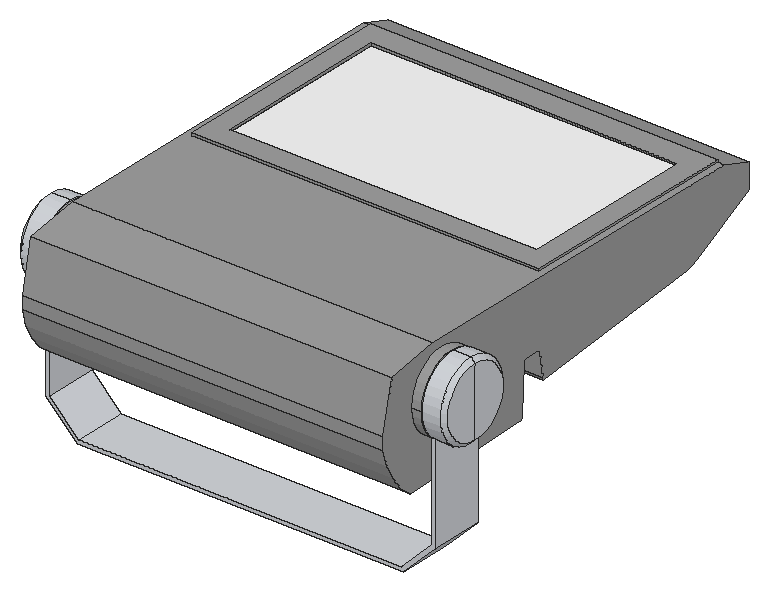
Revit family "0049100 Feilo Sylvania Lighting Fixture SYLVEO LED 3000LM NAR 4K", category Lighting Fixtures, host Face, Revit 2017
Family settings
  Host = Face
  Round Connector Dimension = Use Diameter
  Part Type = Normal
  OmniClass Number = 23.80.70.00
  OmniClass Title = Lighting
  Cut with Voids When Loaded = No
  Light Source = No
  Shared = No
  Room Calculation Point = No
Parameters (values of type "0049100 SYLVEO LED 3000LM NAR 4K")
  _DistributedBy = ""
  _CurrentRevision = 0
  _CreatedBy = "http://www.feilosylvania.com"
  _BimstoreBibleVersion = "Version 15"
  _BimSpecGuid = 0
  _Author = "n/a"
  Weight = "10.902 kg"
  Wattage Comments = "n/a"
  WarrantyStartDate [instance] = "n/a"
  WarrantyGuarantorParts = "n/a"
  WarrantyDurationUnit = "n/a"
  WarrantyDurationParts = "n/a"
  WarrantyDescription = "n/a"
  Voltage = 230 V
  URL = "http://www.sylvania-lighting.com"
  TypeName = "SYLVEO LED 3000LM NAR 4K"
  TypeBody_FEILO = Sylveo Body S : 0049100 SYLVEO LED 3000LM NAR 4K
  Type Image = <None>
  Type Comments = "n/a"
  TotalWidth = 205 mm
  TiltAngle [instance] = 0.00°
  StartAngle [instance] = -TiltAngle  # 0.00°
  PhotobiologicalRiskGroup = "RG1"
  Material_4_FEILO = none
  Material_3_FEILO = Diffuser-Sylvania-Glow
  Material_2_FEILO = Default
  Material_1_FEILO = none
  LuminousFlux = 3189 lm
  EndAngle [instance] = StartAngle + 180.00°  # 180.00°
  SerialNumber [instance] = "n/a"
  PowerFactor = 0
  PowerConsumption = "30.5 W"
  NominalLength = 205 mm
  NominalHeight = 219 mm
  NominalDepth = 59 mm
  Name = "SYLVEO LED 3000LM NAR 4K"
  NBSReference = "n/a"
  NBSOfficeMasterTag = "n/a"
  NBSObjectName = "n/a"
  NBSNote = "n/a"
  NBSDescription = "n/a"
  ModelReference = "SYLVEO LED 3000LM NAR 4K"
  ModelNumber = "0049100"
  Model = ModelReference  # "SYLVEO LED 3000LM NAR 4K"
  Material = "aluminium housing, glass diffuser"
  ManufacturerName = "Feilo Sylvania"
  Manufacturer = "Feilo Sylvania"
  LuminaireType = ""
  LuminairePowerFactor = "n/a"
  LightOutputRatio = "100"
  LampsType = "LED"
  LampsColourRenderingIndex = "70"
  Lamp = "LED"
  Keynote = "16500"
  InstallationDate [instance] = "n/a"
  InputVoltage = "100-240V~"
  InputNominalFrequency = "50 Hz"
  IngressProtection = "IP66"
  ImpactProtectionIndex = "IK08"
  IfcExportType = "IfcLightFixtureType"
  IfcExportAs = "IfcLightFixtureType"
  Finish = "Die cast"
  ExpectedLife = 50000
  ElectricShockClassification = "Class I"
  DurationUnit = "hours"
  DocumentationLiterature = "http://www.sylvania-lighting.com/product/en-int/products/0049100"
  DimmingControlOptions = "Non dimmable"
  Diffuser Material = "Glass"
  Diffuser Finish = "Clear"
  Description = "Exterior LED Floodlight, comes complete with a 1000mm cable and adjustable bracket, aluminium housing, clear glass diffuser, IP66, IK08, Class I, 4000K, Non-dimming, 3090lm, 31W, 101lm/W, 850mA, CRI70, 21° beam angle, 50000hrs, (LxWxD) 49x205x219mm"
  Default Elevation = 1219.2 mm
  CreatedOn = "1/9/2018"
  CreatedBy = ""
  Cost = 0
  ColorTemperature = 4000 K
  ColorConsistency(SDCM) = "6"
  Color = "Aluminium"
  built-in parameter 1114216 [instance] = (empty or 0)
  ClassificationValue = "EF_70_80"
  ClassificationName = "Uniclass2015"
  BracketWidth = 25 mm
  BracketInnerWidth = 183 mm
  BracketExtrusionStart = -BracketWidth / 2  # -12.5 mm
  BracketExtrusionEnd = BracketWidth / 2  # 12.5 mm
  BarCode [instance] = "n/a"
  BIMObjectName = "n/a"
  AssetType = "Fixed"
  AssetIdentifier [instance] = "n/a"
  Assembly Code = "D5020200"
  Apparent Load = 30.5 VA
Reference planes
  plane 1 "Center (Front/Back)": y = 0
  plane 2: z = 0
  plane 3 "Center (Left/Right)": x = 0
  plane 4: x = 91.5
  plane 5: x = -91.5
  plane 6: z = 76
  plane 7: x = 102.5
  plane 8: x = -102.5
  plane 9: z = 94.5
  plane 10: z = 57.5
  plane 11: x = 100.5
  plane 12: x = -100.5
  plane 13: x = 93.5
  plane 14: x = -93.5
  plane 15: z = 2
  plane 16: z = 16
  plane 17: x = 77.5
  plane 18: x = -77.5
  plane 19: z = 59.5
Forms (mm)
  Extrusion 1, solid
    sketch origin (0, 0, 0) x (1, 0, 0) y (0, 0, 1)
      loop
        line (0, 2) -> (0, 0) -> (78.328, 0) -> (93.5, 15.172) -> (93.5, 76) -> (91.5, 76) -> (91.5, 16) -> (77.5, 2) -> (0, 2)
    from -12.5 to 12.5 <- "BracketExtrusionEnd"
  Extrusion 2, solid
    sketch origin (0, 0, 0) x (-1, 0, 0) y (0, 0, -1)
      loop
        line (0, -2) -> (77.5, -2) -> (91.5, -16) -> (91.5, -76) -> (93.5, -76) -> (93.5, -15.172) -> (78.328, 0) -> (0, 0) -> (0, -2)
    from -12.5 to 12.5 <- "BracketExtrusionEnd"
  Revolve 3, solid
    sketch origin (0, 0, 0) x (1, 0, 0) y (0, 0, 1)
      loop
        line (-91.5, 76) -> (-102.5, 76) -> (-102.5, 59.5) -> (-100.5, 57.5) -> (-91.5, 57.5) -> (-91.5, 76)
      axis (-91.5, 76) -> (-102.5, 76)
    angle from 0 to 360
  Revolve 4, solid
    sketch origin (0, 0, 0) x (-1, 0, 0) y (0, 0, 1)
      loop
        line (-91.5, 76) -> (-102.5, 76) -> (-102.5, 59.5) -> (-100.5, 57.5) -> (-91.5, 57.5) -> (-91.5, 76)
      axis (-91.5, 76) -> (-102.5, 76)
    angle from 0 to 360
  Revolve 5, solid, not visible
    sketch origin (181.107, 0, 76) x (1, 0, 0) y (0, 1, 0)
      loop
        line (-191.101, 0) -> (-171.112, 0) -> (-171.112, 10) -> (-191.101, 10) -> (-191.101, 0)
      axis (-171.112, 0) -> (-191.101, 0)
    angle from 0 <- "StartAngle" to 180 <- "EndAngle"
Cuts and joins
  joined: Extrusion 1, Extrusion 2, Revolve 3, Revolve 4
Dimensions and locks
  equal spacing: plane 5, plane 3 "Center (Left/Right)", plane 4
  "BracketInnerWidth": plane 5 to plane 4
  equal spacing: plane 7, plane 3 "Center (Left/Right)", plane 8
  "TotalWidth": plane 7 to plane 8
  locked: plane 2 to plane 6 at 76
  equal spacing: plane 10, plane 6, plane 9
  locked: plane 10 to plane 9 at 37
  equal spacing: plane 11, plane 3 "Center (Left/Right)", plane 12
  locked: plane 11 to plane 12 at 201
  equal spacing: plane 13, plane 3 "Center (Left/Right)", plane 14
  locked: plane 13 to plane 14 at 187
  locked: plane 2 to plane 16 at 16
  locked: plane 2 to plane 15 at 2
  equal spacing: plane 17, plane 3 "Center (Left/Right)", plane 18
  locked: plane 17 to plane 18 at 155
  locked: plane 19 to plane 10 at 2
  locked: Revolve 5 sketch curve to Revolve 5 sketch curve at 10
  equal spacing: Revolve 5 sketch curve, plane 3 "Center (Left/Right)", Revolve 5 sketch curve
  locked: Revolve 5 sketch curve to Revolve 5 sketch curve at 19.988
  aligned and locked: plane 2 to host face
  aligned and locked: level to host face
  aligned and locked: Revolve 3 sketch curve to plane 10
  aligned and locked: Revolve 3 sketch curve to plane 8
  aligned and locked: plane 5 to Revolve 3 sketch curve
  aligned and locked: Revolve 3 sketch curve to plane 6  (x2)
  aligned and locked: Revolve 5 sketch curve to plane 1 "Center (Front/Back)"
  aligned and locked: plane 3 "Center (Left/Right)" to nested 1
Automatic sketch dimensions
  host sketch curve to host sketch curve = 2438.4 mm  (x2)
  Extrusion 1 sketch curve to plane 3 "Center (Left/Right)" = 0 mm  (x2)
  Extrusion 1 sketch curve to level = 0 mm  (x2)
  Extrusion 1 sketch curve to plane 15 = 0 mm
  Extrusion 1 sketch curve to plane 17 = 0 mm
  plane 4 to Extrusion 1 sketch curve = 0 mm
  Extrusion 1 sketch curve to plane 13 = 0 mm  (x2)
  Extrusion 1 sketch curve to plane 6 = 0 mm  (x2)
  Extrusion 1 sketch curve to plane 16 = 0 mm
  plane 17 to Extrusion 1 sketch curve = 0.828 mm
  Extrusion 1 sketch curve to plane 16 = 0.828 mm
  Extrusion 2 sketch curve to plane 3 "Center (Left/Right)" = 0 mm  (x2)
  Extrusion 2 sketch curve to level = 0 mm  (x2)
  Extrusion 2 sketch curve to plane 15 = 0 mm
  plane 18 to Extrusion 2 sketch curve = 0 mm
  plane 5 to Extrusion 2 sketch curve = 0 mm
  plane 14 to Extrusion 2 sketch curve = 0 mm  (x2)
  Extrusion 2 sketch curve to plane 6 = 0 mm  (x2)
  Extrusion 2 sketch curve to plane 16 = 0 mm
  Extrusion 2 sketch curve to plane 18 = 0.828 mm
  plane 16 to Extrusion 2 sketch curve = 0.828 mm
  plane 12 to Revolve 3 sketch curve = 0 mm
  Revolve 3 sketch curve to plane 19 = 0 mm
  plane 8 to Revolve 3 sketch curve = 77.715 mm
  plane 7 to Revolve 3 sketch curve = 78.607 mm
  Revolve 4 sketch curve to plane 6 = 0 mm  (x2)
  Revolve 4 sketch curve to plane 7 = 0 mm
  Revolve 4 sketch curve to plane 10 = 0 mm
  Revolve 4 sketch curve to plane 11 = 0 mm
  plane 4 to Revolve 4 sketch curve = 0 mm
  Revolve 4 sketch curve to plane 19 = 0 mm
  Revolve 4 sketch curve to Revolve 4 sketch curve = 77.715 mm
  Revolve 4 sketch curve to plane 8 = 78.607 mm
  plane 1 "Center (Front/Back)" to Revolve 5 sketch curve = 0 mm
  plane 8 to Revolve 5 sketch curve = 1421.5 mm
  plane 7 to Revolve 5 sketch curve = 1421.5 mm
Nested families
  nested 1: "Sylveo Body S" at (0, 72.991, 76), type <- "TypeBody_FEILO", type "0049100 SYLVEO LED 3000LM NAR 4K"
Connectors
  electrical at (0, 0, 0), driven by "Apparent Load", driven by "PowerFactor", driven by "Voltage"
    settings: index 1, voltage 230 V, apparent load 30.5 VA, apparent load phase1 0 VA, apparent load phase2 0 VA, apparent load phase3 0 VA, power factor 0, load classification "Lighting", number of poles 1, system type 30, power factor state 1, is connector primary yes, connector utility no, sub classification motor no, connector description ""
Definition of nested family "Sylveo Body S"
  Parameters (values of type "0049105 SYLVEO LED 3000LM RASYM 3K")
    Wattage = 30.8 W
    built-in parameter 1150110 = 1 (stored number, unit not read)
    VoidExtrusionStart = -BodyWidth / 2  # -86.5 mm
    URL = "http://www.feilosylvania.com"
    Type Comments = "n/a"
    built-in parameter 1114217 = 1 (stored number, unit not read)
    Tilt Angle = -90.00°
    built-in parameter 1150109 = 1 (stored number, unit not read)
    built-in parameter 1150134 = (empty or 0)
    built-in parameter 1150113 = 1 (stored number, unit not read)
    Photometric Web File = "0049105.ies"
    Model = "SYLVEO LED 3000LM RASYM 3K"
    Material_4_FEILO = none
    Material_3_FEILO = none
    Material_2_FEILO = none
    Material_1_FEILO = none
    Manufacturer = "Feilo Sylvania"
    built-in parameter 1150105 = 1613.6 (stored number, unit not read)
    Lumens = 3123.12 lm
    built-in parameter 1150115 = 1 (stored number, unit not read)
    built-in parameter 1150137 = (empty or 0)
    built-in parameter 1150139 = (empty or 0)
    built-in parameter 1150112 = 1 (stored number, unit not read)
    built-in parameter 1150114 = 1 (stored number, unit not read)
    Lamp = "LED"
    Keynote = "16500"
    built-in parameter 1150132 = (empty or 0)
    built-in parameter 1150102 = (empty or 0)
    built-in parameter 1150107 = 3000 (stored number, unit not read)
    built-in parameter 1150138 = (empty or 0)
    built-in parameter 1150106 = 16.136 (stored number, unit not read)
    Emit from Rectangle Width = 84 mm
    Emit from Rectangle Length = 147 mm
    Emit Shape Visible in Rendering = no
    built-in parameter 1150104 = 9.4204 (stored number, unit not read)
    Dimming Lamp Color Temperature Shift = (empty or 0)
    Description = "Exterior LED Floodlight, comes complete with a 1000mm cable and adjustable bracket, aluminium housing, clear glass diffuser, IP66, IK08, Class I, 3000K, Non-dimming, 3122lm, 31W, 101lm/W, 850mA, CRI70, 52°x117° beam angle, 50000hrs, (LxWxD) 49x205x219mm"
    Default Elevation = 1219.2 mm
    Cost = 0
    Color Filter = 16777215
    BodyWidth = 173 mm
    BodyHeight = 219 mm
    BodyExtrusionEnd = -BodyDepth  # -59 mm
    BodyDepth = 59 mm
    built-in parameter 1114218 = 1 (stored number, unit not read)
    built-in parameter 1150133 = 10 (stored number, unit not read)
    Assembly Code = "D5020200"
    Apparent Load = 30.8 VA
  Types (6, lengths in mm): name | Wattage | built-in parameter 1150134 | Photometric Web File | Model | built-in parameter 1150105 | Lumens | built-in parameter 1150107 | built-in parameter 1150106 | built-in parameter 1150104 | Description | Apparent Load
    0049105 SYLVEO LED 3000LM RASYM 3K | 30.8 W | (empty or 0) | "0049105.ies" | "SYLVEO LED 3000LM RASYM 3K" | 1613.6 (stored number, unit not read) | 3123.12 lm | 3000 (stored number, unit not read) | 16.136 (stored number, unit not read) | 9.4204 (stored number, unit not read) | "Exterior LED Floodlight, comes complete with a 1000mm cable and adjustable bracket, aluminium housing, clear glass diffuser, IP66, IK08, Class I, 3000K, Non-dimming, 3122lm, 31W, 101lm/W, 850mA, CRI70, 52°x117° beam angle, 50000hrs, (LxWxD) 49x205x219mm" | 30.8 VA
    0049104 SYLVEO LED 3000LM WIDE 3K | 30.5 W | (empty or 0) | "0049104.ies" | "SYLVEO LED 3000LM WIDE 3K" | 3931.7 (stored number, unit not read) | 3089.65 lm | 3000 (stored number, unit not read) | 39.317 (stored number, unit not read) | 9.4111 (stored number, unit not read) | "Exterior LED Floodlight, comes complete with a 1000mm cable and adjustable bracket, aluminium housing, clear glass diffuser, IP66, IK08, Class I, 3000K, Non-dimming, 3090lm, 31W, 101lm/W, 850mA, CRI70, 52° beam angle, 50000hrs, (LxWxD) 49x205x219mm" | 30.5 VA
    0049103 SYLVEO LED 3000LM NAR 3K | 30.2 W | (empty or 0) | "0049103.ies" | "SYLVEO LED 3000LM NAR 3K" | 12950.9 (stored number, unit not read) | 3041.14 lm | 3000 (stored number, unit not read) | 129.51 (stored number, unit not read) | 9.3553 (stored number, unit not read) | "Exterior LED Floodlight, comes complete with a 1000mm cable and adjustable bracket, aluminium housing, clear glass diffuser, IP66, IK08, Class I, 3000K, Non-dimming, 3041lm, 30W, 101lm/W, 850mA, CRI70, 21° beam angle, 50000hrs, (LxWxD) 49x205x219mm" | 30.2 VA
    0049102 SYLVEO LED 3000LM RASYM 4K | 30.3 W | 12 | "0049102.ies" | "SYLVEO LED 3000LM RASYM 4K" | 1646.9 (stored number, unit not read) | 3187.56 lm | 4000 (stored number, unit not read) | 16.469 (stored number, unit not read) | 9.7734 (stored number, unit not read) | "Exterior LED Floodlight, comes complete with a 1000mm cable and adjustable bracket, aluminium housing, clear glass diffuser, IP66, IK08, Class I, 4000K, Non-dimming, 3189lm, 30W, 105lm/W, 850mA, CRI70, 52°x117° beam angle, 50000hrs, (LxWxD) 49x205x219mm" | 30.3 VA
    0049101 SYLVEO LED 3000LM WIDE 4K | 32.2 W | 12 | "0049101.ies" | "SYLVEO LED 3000LM WIDE 4K" | 3985.3 (stored number, unit not read) | 3400.32 lm | 4000 (stored number, unit not read) | 39.853 (stored number, unit not read) | 9.8106 (stored number, unit not read) | "Exterior LED Floodlight, comes complete with a 1000mm cable and adjustable bracket, aluminium housing, clear glass diffuser, IP66, IK08, Class I, 4000K, Non-dimming, 3400lm, 32W, 106lm/W, 850mA, CRI70, 52° beam angle, 50000hrs, (LxWxD) 49x205x219mm" | 32.2 VA
    0049100 SYLVEO LED 3000LM NAR 4K | 30.5 W | 12 | "0049100.ies" | "SYLVEO LED 3000LM NAR 4K" | 13402.6 (stored number, unit not read) | 3089.65 lm | 4000 (stored number, unit not read) | 134.03 (stored number, unit not read) | 9.4111 (stored number, unit not read) | "Exterior LED Floodlight, comes complete with a 1000mm cable and adjustable bracket, aluminium housing, clear glass diffuser, IP66, IK08, Class I, 4000K, Non-dimming, 3090lm, 31W, 101lm/W, 850mA, CRI70, 21° beam angle, 50000hrs, (LxWxD) 49x205x219mm" | 30.5 VA
  Reference planes
    plane 1 "Center (Front/Back)": y = 0
    plane 2: z = 0
    plane 3 "Center (Left/Right)": x = 0
    plane 4: x = -86.5
    plane 5: x = 86.5
    plane 6: y = 110.708
    plane 7: y = -108.292
    plane 8: y = 96.384
    plane 9: y = 84.647
    plane 10: y = -0.668
    plane 11: y = -10.878
    plane 12: y = -54.493
    plane 13: y = -91.489
    plane 14: y = -72.991
    plane 15: x = -102.515
    plane 16: x = 102.515
    plane 17: x = -73.649
    plane 18: x = 73.649
    plane 19: x = -91.536
    plane 20: x = 91.536
    plane 21: z = 0
    plane 22: z = 22
    plane 23: x = -83.139
    plane 24: x = 83.139
    plane 25: y = -103.292
    plane 26: y = -78.292
    plane 27: z = -5.309
    plane 28: z = -11.402
    plane 29: y = -25.118
    plane 30: y = -23.893
    plane 31: z = -8.976
    plane 32: y = -14.493
    plane 33: y = -12.511
    plane 34: y = 77.218
    plane 35: z = 17
    plane 36: z = -13.634
    plane 37: z = 5
    plane 38: z = -22.951
    plane 39: z = -34.41
    plane 40: z = 17.785
    plane 41: y = 42.323
  Forms (mm)
    Extrusion 1, solid
      sketch origin (-0.8, 0, 0) x (1, 0, 0) y (0, 1, 0)
        loop
          line (-1219.2, 1219.2) -> (-1219.2, -1219.2) -> (1219.2, -1219.2) -> (1219.2, 1219.2) -> (-1219.2, 1219.2)
      from 0 to -304.8
    Revolve 2, solid, material <- "Material_2_FEILO"
      sketch origin (144.148, 0, 0) x (1, 0, 0) y (0, 1, 0)
        loop
          line (-235.684, -72.991) -> (-52.612, -72.991) -> (-52.612, -54.493) -> (-235.684, -54.493) -> (-235.684, -72.991)
        axis (-235.684, -72.991) -> (-52.612, -72.991)
      angle from 0 to 360
    Extrusion 3, solid, material <- "Material_2_FEILO"
      sketch origin (0, -146.667, 22) x (0, -1, 0) y (1, 0, 0)
        loop
          line (-257.375, -86.5) -> (-38.375, -86.5) -> (-38.375, 86.5) -> (-257.375, 86.5) -> (-257.375, -86.5)
      from 0 to -59 <- "BodyExtrusionEnd"
    Extrusion 4, void
      sketch origin (0, 0, 0) x (0, 1, 0) y (0, 0, 1)
        loop
          line (-78.292, 22) -> (-108.292, 22) -> (-108.292, -5.309) -> (-103.292, 17.785) -> (-78.292, 22)
        loop
          line (-108.292, -11.402) -> (-108.292, -37) -> (-91.489, -37)
          arc (-91.489, -37) -> (-102.558, -25.952) -> (-108.292, -11.402) r 38.329
      from -86.5 <- "VoidExtrusionStart" to 173 <- "BodyWidth"
    Extrusion 5, void
      sketch origin (0, 0, 0) x (0, 1, 0) y (0, 0, 1)
        loop
          line (-91.489, -37) -> (110.708, -37) -> (110.708, 5) -> (80.083, -12.039)
          arc (80.083, -12.039) -> (77.118, -13.316) -> (73.956, -13.972) r 16
          line (73.956, -13.972) -> (-11.553, -22.851)
          arc (-11.553, -22.851) -> (-12.272, -22.645) -> (-12.646, -21.997) r 1
          line (-12.646, -21.997) -> (-14.371, -9.836)
          arc (-14.371, -9.836) -> (-14.706, -9.221) -> (-15.361, -8.976) r 1
          line (-15.361, -8.976) -> (-22.94, -8.976)
          arc (-22.94, -8.976) -> (-23.63, -9.252) -> (-23.939, -9.928) r 1
          line (-23.939, -9.928) -> (-25.074, -33.494)
          arc (-25.074, -33.494) -> (-25.381, -34.133) -> (-26.034, -34.41) r 1.003
          line (-26.034, -34.41) -> (-91.489, -37)
        loop
          line (110.708, 17) -> (110.708, 22) -> (96.384, 22) -> (110.708, 17)
      from -86.5 <- "VoidExtrusionStart" to 173 <- "BodyWidth"
    Extrusion 6, solid, material <- "Material_2_FEILO"
      sketch origin (0, -146.667, 22) x (0, -1, 0) y (1, 0, 0)
        loop
          line (-243.051, -83.139) -> (-135.789, -83.139) -> (-135.789, 83.139) -> (-243.051, 83.139) -> (-243.051, -83.139)
        loop
          line (-231.314, -73.649) -> (-146.667, -73.649) -> (-146.667, 73.649) -> (-231.314, 73.649) -> (-231.314, -73.649)
      from 0 to 1
    Extrusion 7, void
      sketch origin (0, -146.667, 22) x (1, 0, 0) y (0, -1, 0)
        loop
          line (-73.649, -231.314) -> (73.649, -231.314) -> (73.649, -146.667) -> (-73.649, -146.667) -> (-73.649, -231.314)
      from 0 to 12
    Extrusion 8, solid, material <- "Material_3_FEILO"
      sketch origin (0, -146.667, 22) x (0, -1, 0) y (1, 0, 0)
        loop
          line (-231.314, -73.649) -> (-146.667, -73.649) -> (-146.667, 73.649) -> (-231.314, 73.649) -> (-231.314, -73.649)
      from 0 to -1
  Cuts and joins
    Extrusion 4, Extrusion 5, Extrusion 7 cuts Extrusion 3
    joined: Revolve 2, Extrusion 3
  Lines and regions (mm)
    reference lines
      curve 1: line (0, -108.292, -5.309) -> (0, -108.292, -11.402)
  Dimensions and locks
    equal spacing: plane 4, plane 3 "Center (Left/Right)", plane 5
    "BodyWidth": plane 4 to plane 5
    "BodyHeight": plane 6 to plane 7
    locked: plane 1 "Center (Front/Back)" to plane 7 at 108.292
    locked: plane 13 to plane 7 at 16.803
    locked: plane 14 to plane 7 at 35.301
    equal spacing: plane 12, plane 14, plane 13
    locked: plane 11 to plane 7 at 97.414
    locked: plane 10 to plane 7 at 107.624
    locked: plane 1 "Center (Front/Back)" to plane 9 at 84.647
    locked: plane 8 to plane 1 "Center (Front/Back)" at 96.384
    equal spacing: plane 15, plane 3 "Center (Left/Right)", plane 16
    locked: plane 15 to plane 16 at 205.031
    equal spacing: plane 17, plane 3 "Center (Left/Right)", plane 18
    locked: plane 17 to plane 18 at 147.299
    equal spacing: plane 19, plane 3 "Center (Left/Right)", plane 20
    locked: plane 19 to plane 20 at 183.072
    equal spacing: plane 23, plane 3 "Center (Left/Right)", plane 24
    locked: plane 23 to plane 24 at 166.278
    locked: plane 21 to plane 22 at 22
    locked: curve 1 to curve 1 at 6.092
    locked: plane 7 to plane 26 at 30
    locked: plane 21 to plane 27 at 5.309
    locked: plane 21 to plane 28 at 11.402
    locked: plane 7 to plane 29 at 83.174
    locked: plane 7 to plane 30 at 84.399
    locked: plane 21 to plane 31 at 8.976
    locked: plane 7 to plane 32 at 93.799
    locked: plane 7 to plane 33 at 95.781
    locked: plane 7 to plane 34 at 185.51
    locked: plane 21 to plane 35 at 17
    locked: plane 36 to plane 21 at 13.634
    locked: plane 21 to plane 37 at 5
    locked: plane 21 to plane 38 at 22.951
    locked: plane 21 to plane 39 at 34.41
    locked: plane 40 to plane 21 at 17.785
    locked: plane 7 to plane 25 at 5
    equal spacing: Extrusion 6, Extrusion 7 sketch curve, plane 24
    equal spacing: plane 1 "Center (Front/Back)", plane 41, plane 9
    aligned and locked: plane 2 to Extrusion 1
    aligned and locked: level to Extrusion 1
    aligned and locked: Revolve 2 sketch curve to plane 14  (x2)
    aligned and locked: plane 19 to Revolve 2 sketch curve
    aligned and locked: plane 12 to Revolve 2 sketch curve
    aligned and locked: Revolve 2 sketch curve to plane 20
    aligned and locked: level to plane 21
    aligned and locked: Extrusion 3 sketch curve to plane 6
    aligned and locked: plane 4 to Extrusion 3 sketch curve
    aligned and locked: plane 7 to Extrusion 3 sketch curve
    aligned and locked: Extrusion 3 sketch curve to plane 5
    aligned and locked: plane 40 to Extrusion 4 sketch curve
    aligned and locked: Extrusion 4 sketch curve to curve 1
    aligned and locked: plane 22 to Extrusion 4 sketch curve
    aligned and locked: curve 1 to Extrusion 4 sketch curve
    aligned and locked: Extrusion 4 sketch curve to Extrusion 3
    aligned and locked: plane 39 to Extrusion 5 sketch curve
    aligned and locked: plane 6 to Extrusion 5 sketch curve  (x2)
    aligned and locked: Extrusion 5 sketch curve to plane 22
    aligned and locked: Extrusion 6 sketch curve to plane 8
    aligned and locked: plane 23 to Extrusion 6 sketch curve
    aligned and locked: plane 11 to Extrusion 6 sketch curve
    aligned and locked: Extrusion 6 sketch curve to plane 24
    aligned and locked: plane 9 to Extrusion 6 sketch curve
    aligned and locked: plane 17 to Extrusion 6 sketch curve
    aligned and locked: Extrusion 6 sketch curve to plane 1 "Center (Front/Back)"
    aligned and locked: plane 18 to Extrusion 6 sketch curve
    aligned and locked: Extrusion 7 sketch curve to Extrusion 6  (x3)
    aligned and locked: Extrusion 8 sketch curve to cut or joined group of Revolve 2, Extrusion 3, Extrusion 4, Extrusion 5, Extrusion 7  (x4)
    aligned and locked: imposter light to plane 3 "Center (Left/Right)"
    aligned and locked: imposter light to plane 41
    aligned and locked: imposter light to plane 22
  Automatic sketch dimensions
    Extrusion 1 sketch curve to Extrusion 1 sketch curve = 2438.4 mm  (x2)
    plane 15 to Revolve 2 sketch curve = 90.323 mm
    plane 16 to Revolve 2 sketch curve = 82.977 mm
    curve 1 to level = 11.402 mm
    curve 1 to plane 7 = 0 mm
    Extrusion 4 sketch curve to plane 25 = 0 mm
    Extrusion 4 sketch curve to plane 13 = 0 mm
    Extrusion 4 sketch curve to plane 26 = 0 mm
    Extrusion 4 sketch curve to plane 28 = 0 mm
    Extrusion 4 sketch curve to plane 27 = 0 mm
    plane 27 to Extrusion 4 sketch curve = 0.391 mm
    Extrusion 7 sketch curve to plane 18 = 0 mm
    Extrusion 5 sketch curve to plane 13 = 0 mm
    Extrusion 5 sketch curve to plane 31 = 0 mm
    Extrusion 5 sketch curve to plane 8 = 0 mm
    plane 37 to Extrusion 5 sketch curve = 0 mm
    plane 35 to Extrusion 5 sketch curve = 0 mm
    plane 29 to Extrusion 5 sketch curve = 0.955 mm
    plane 29 to Extrusion 5 sketch curve = 0.916 mm
    Extrusion 5 sketch curve to plane 29 = 0.044 mm
    Extrusion 5 sketch curve to plane 30 = 0.046 mm
    plane 30 to Extrusion 5 sketch curve = 0.953 mm
    Extrusion 5 sketch curve to plane 32 = 0.868 mm
    plane 32 to Extrusion 5 sketch curve = 0.122 mm
    Extrusion 5 sketch curve to plane 33 = 0.135 mm
    Extrusion 5 sketch curve to plane 11 = 0.778 mm
    plane 38 to Extrusion 5 sketch curve = 0.099 mm
    Extrusion 5 sketch curve to plane 11 = 0.675 mm
    level to Extrusion 5 sketch curve = 1.942 mm
    Extrusion 5 sketch curve to plane 34 = 4.914 mm
    Extrusion 5 sketch curve to plane 28 = 0.638 mm
    plane 34 to Extrusion 5 sketch curve = 2.865 mm
    Extrusion 5 sketch curve to plane 39 = 2.59 mm
    plane 39 to Extrusion 5 sketch curve = 0.915 mm
    plane 38 to Extrusion 5 sketch curve = 0.954 mm
    Extrusion 5 sketch curve to Extrusion 5 sketch curve = 1 mm  (x2)
    plane 36 to Extrusion 5 sketch curve = 0.339 mm
